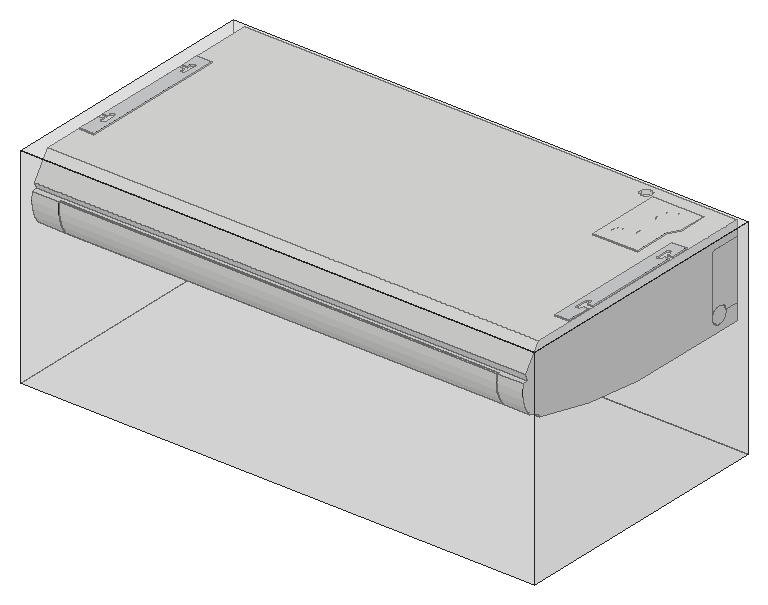
Revit family "outputfile", category 機械設備, Revit 2024
Family settings
  丸型コネクタ寸法 = 半径を使用
  パーツ タイプ = 標準
  OmniClass 番号 = 23.75.10.24.21.27.27
  OmniClass タイトル = Split System Air Conditioning Units
  作業面ベース = いいえ
  常に垂直 = はい
  ロード時にボイドで切り取り = いいえ
  注釈の向きを維持 = いいえ
  共有 = いいえ
  部屋計算ポイント = はい
Parameters (values of type "FHA71BVMA")
  Description = ""
  製造元 = "Daikin"
  書き出し IFC クラス(タイプ) = "IfcUnitaryEquipmentType"
  定義済み IFC タイプ(タイプ) = "AIRCONDITIONINGUNIT"
  Cost = 0
  モデル = "FHA71BVMA"
  Type Comments = ""
  Keynote = ""
  Type Image = (empty or 0)
  Assembly Code = ""
  switch_frequency = yes
  r_Liquid Pipe Size = Liquid Pipe Size / 2  # 4.75 mm
  r_Gas Pipe Size = Gas Pipe Size / 2  # 7.95 mm
  r_Drain Pipe Size = Drain Pipe Size / 2  # 10.0 mm
  l_powersupply [instance] = if(Rear Right Connection_powersupply, 29.0 mm, 175.0 mm)  # 29.0 mm
  h_mountinghole = 2.0 mm  # constant formula
  connector_voltage = Voltage_50Hz  # 230 V
  connector_powerinput = [Power Input (Cooling)]  # 2.120 kW
  connector_phase = Phase_50Hz  # 1
  angle_vertical_powersupply [instance] = if(Rear Right Connection_powersupply, 90.00°, 180.00°)  # 90.00°
  angle_vertical_drainpipe [instance] = if(or(Left Connection_drainpipe, Right Connection_drainpipe), 90.00°, if(Top Connection_drainpipe, 180.00°, -90.00°))  # -90.00°
  angle_horizontal_powersupply [instance] = if(Rear Right Connection_powersupply, 180.00°, 0.00°)  # 180.00°
  angle_horizontal_drainpipe [instance] = if(Right Connection_drainpipe, 90.00°, if(Left Connection_drainpipe, -90.00°, 0.00°))  # 0.00°
  Voltage_comment_60Hz = "220-230"
  Voltage_comment_50Hz = "220 - 240"
  Voltage_60Hz = 220 V
  Voltage_50Hz = 230 V
  URL = ""
  Total Heating Capacity [instance] = 0.000 kW
  Top Connection_refrigerant [instance] = no
  Top Connection_powersupply [instance] = not(Rear Right Connection_powersupply)  # no
  Right Connection_refrigerant [instance] = no
  Rear Right Connection_refrigerant [instance] = yes
  Power Input (Heating) = 2.260 kW
  Phase_60Hz = 1
  Phase_50Hz = 1
  Nominal Heating Capacity = 8.000 kW
  Minimum Circuit Amps_60Hz = 0.0 A
  Minimum Circuit Amps_50Hz = 0.0 A
  Maximum Fuse Amps_60Hz = 0.0 A
  Maximum Fuse Amps_50Hz = 0.0 A
  Material_Casing = DAIKIN_White_Casing_indoorunit
  lw_powersupply [instance] = if(Rear Right Connection_powersupply, 220.0 mm, 210.0 mm)  # 220.0 mm
  lw_mountinghole_pitch = Width - 40.0 mm  # 1230.0 mm
  lw_mountinghole = 20.0 mm  # constant formula
  lw_liquidpipe [instance] = if(Right Connection_refrigerant, 156.0 mm, if(Top Connection_refrigerant, 156.0 mm, 136.0 mm))  # 136.0 mm
  lw_gaspipe = 105.0 mm  # constant formula
  lw_drainpipe [instance] = if(Top Connection_drainpipe, 102.0 mm, if(Width = 960.0 mm, if(or(Left Connection_drainpipe, Rear Left Connection_drainpipe), 884.0 mm, 83.0 mm), if(Width = 1270.0 mm, if(or(Left Connection_drainpipe, Rear Left Connection_drainpipe), 1194.0 mm, 83.0 mm), if(Width = 1590.0 mm, if(or(Left Connection_drainpipe, Rear Left Connection_drainpipe), 1514.0 mm, 83.0 mm), 83.0 mm))))  # 83.0 mm
  lh_powersupply = 175.0 mm  # constant formula
  lh_liquidpipe [instance] = if(Rear Right Connection_refrigerant, 160.0 mm, 131.0 mm)  # 160.0 mm
  lh_gaspipe [instance] = if(Rear Right Connection_refrigerant, 150.0 mm, 91.0 mm)  # 150.0 mm
  lh_drainpipe = 197.0 mm  # constant formula
  l_antena = 1.0 mm  # constant formula
  ld_powersupply = 30.0 mm  # constant formula
  ld_mountinghole_pitch = 260.0 mm  # constant formula
  ld_mountinghole = 210.0 mm  # constant formula
  ld_liquidpipe [instance] = if(Right Connection_refrigerant, 57.0 mm, if(Top Connection_refrigerant, 189.0 mm, 221.0 mm))  # 221.0 mm
  ld_gaspipe [instance] = if(Right Connection_refrigerant, 57.0 mm, if(Top Connection_refrigerant, 163.0 mm, 214.0 mm))  # 214.0 mm
  ld_drainpipe [instance] = if(or(Left Connection_drainpipe, Right Connection_drainpipe), 57.0 mm, if(Top Connection_drainpipe, 87.0 mm, 268.0 mm))  # 268.0 mm
  l_liquidpipe_length [instance] = if(Right Connection_refrigerant, 156.0 mm, if(Top Connection_refrigerant, 131.0 mm, 220.0 mm))  # 220.0 mm
  l_gaspipe_length [instance] = if(Right Connection_refrigerant, 105.0 mm, if(Top Connection_refrigerant, 91.0 mm, 213.0 mm))  # 213.0 mm
  l_drainpipe_length [instance] = if(Right Connection_drainpipe, 83.0 mm, if(Top Connection_drainpipe, 197.0 mm, if(Left Connection_drainpipe, 76.0 mm, 267.0 mm)))  # 267.0 mm
  h*** = 0.0 mm  # constant formula
  angle_vertical [instance] = if(Right Connection_refrigerant, 90.00°, if(Top Connection_refrigerant, 180.00°, -90.00°))  # -90.00°
  angle_horizontal [instance] = if(Right Connection_refrigerant, 90.00°, 0.00°)  # 0.00°
  Width = 1270.0 mm
  Version = "ver.1.0"
  Unit Type = "Ceiling"
  Unit Mass Weight = 32.00 kg
  Unit Designation [instance] = ""
  Uniclass2015Version = "Products v1.30"
  Uniclass2015Title = "Split coil room air conditioning units"
  Uniclass2015Code = "Pr_70_65_03_86"
  Total Cooling Capacity [instance] = 0.000 kW
  Top Connection_drainpipe [instance] = no
  Sound Pressure Level_M speed (dBA) = 36
  Sound Pressure Level_L speed (dBA) = 34
  Sound Pressure Level_H speed (dBA) = 38
  Series = "SkyAir_Fan Coil Unit"
  Sensible Cooling Capacity [instance] = 0.000 kW
  Rear Right Connection_drainpipe [instance] = yes
  Rear Right Connection_powersupply [instance] = yes
  Right Connection_drainpipe [instance] = no
  Refrigerant Type = "R32"
  Power Input (Cooling) = 2.120 kW
  Option Accessory 3 [instance] = ""
  Option Accessory 2 [instance] = ""
  Option Accessory 1 [instance] = ""
  Nominal Cooling Capacity = 7.100 kW
  Minimum Airflow = 840.00 m³/h
  Median Airflow = 1020.00 m³/h
  Maximum Airflow = 1230.00 m³/h
  Load Classification = HVAC
  Liquid Pipe Size = 9.5 mm
  Link_Nested Family [instance] = ""
  Rear Left Connection_drainpipe [instance] = no
  Left Connection_drainpipe [instance] = no
  IfcVersion = ""
  IfcExportType = "AIRCONDITIONINGUNIT"
  IfcExportAs = "IfcUnitaryEquipmentType"
  Height = 235.0 mm
  Heating Entering Wet Bulb Temperature [instance] = -273.15 °C
  Heating Entering Dry Bulb Temperature [instance] = -273.15 °C
  Heating Ambient Wet Bulb Temperature [instance] = -273.15 °C
  Heating Ambient Dry Bulb Temperature [instance] = -273.15 °C
  Heat Exchanger Type = "Cross Fin Coil"
  Gas Pipe Size = 15.9 mm
  Frequency_60Hz = 60 Hz
  Frequency_50Hz = 50 Hz
  Fan Type = "Sirocco Fan"
  Fan Drive = "-"
  FCU Tag No. [instance] = ""
  Drain Pipe Size = 20.0 mm
  Design Supply Airflow [instance] = 0.00 m³/h
  Design Outdoor Airflow [instance] = 0.00 m³/h
  Depth = 690.0 mm
  既定の高さ = 0.0 mm
  Cooling Entering Wet Bulb Temperature [instance] = 0.00 °C
  Cooling Entering Dry Bulb Temperature [instance] = 0.00 °C
  Cooling Ambient Wet Bulb Temperature [instance] = 0.00 °C
  Cooling Ambient Dry Bulb Temperature [instance] = 0.00 °C
  Clearance visibility [instance] = yes
  Clearance Top = 5.0 mm
  Clearance Right = 30.0 mm
  Clearance Rear = 0.0 mm
  Clearance Left = 30.0 mm
  Clearance Front = 0.0 mm
  Clearance Bottom = 300.0 mm
Reference planes
  plane 1 "Back": y = 0
  plane 2: z = 0
  plane 3 "Center (Left/Right)": x = 0
  plane 4 "Center (Front/Back)": y = -1
  plane 5 "Front": y = -690
  plane 6 "Left": x = -635
  plane 7 "Right": x = 635
  plane 8 "Top": z = 0
  plane 9 "Bottom": z = -235
  plane 10: y = -690
  plane 11: x = -665
  plane 12: x = 665
  plane 13: z = 5
  plane 14: z = -535
  plane 15: y = 0
  plane 16 "lw_mountinghole": x = -615
  plane 17 "lw_mountinghole2": x = 615
  plane 18 "ld_mountinghole": y = -210
  plane 19 "ld_mountinghole2": y = -470
  plane 20 "lw_gaspipe": x = 530
  plane 21 "ld_gaspipe": y = -214
  plane 22 "lh_gaspipe": z = -150
  plane 23 "lw_liquidpipe": x = 499
  plane 24 "ld_liquidpipe": y = -221
  plane 25 "lh_liquidpipe": z = -160
  plane 26 "ld_drainpipe": y = -268
  plane 27 "lw_drainpipe": x = 552
  plane 28 "lh_drainpipe": z = -197
  plane 29 "lw_powersupply": x = 415
  plane 30 "lh_powersupply": z = -175
  plane 31 "ld_powersupply": y = -30
  plane 32: x = -565.5
  plane 33: x = 565.5
  plane 34: x = -590
  plane 35: x = 590
  plane 36: x = -2
  plane 37: x = 2
Forms (mm)
  Extrusion 1, solid, material "DAIKIN_White_Casing_indoorunit" <- "Material_Casing"
    sketch origin (0, 0, 0) x (0, 1, 0) y (0, 0, 1)
      loop
        line (-639.277, 0) -> (-680.876, -61.699) -> (-675.026, -77.772)
        arc (-675.026, -77.772) -> (-681.815, -78.743) -> (-688.601, -79.732) r 2634.132
        arc (-688.601, -79.732) -> (-687.018, -121.096) -> (-669.159, -158.439) r 102.2
        line (-669.159, -158.439) -> (-639.858, -169.325) -> (-635.895, -178.261)
        arc (-635.895, -178.261) -> (-479.121, -215.759) -> (-319.077, -235) r 1400.997
        line (-319.077, -235) -> (-1, -235) -> (-1, 0) -> (-639.277, 0)
    from -635 to 635
  Extrusion 2, solid, material "DAIKIN_White_Casing_indoorunit" <- "Material_Casing"
    sketch origin (0, 0, 0) x (0, 1, 0) y (0, 0, 1)
      loop
        arc (-688.601, -79.732) -> (-687.018, -121.096) -> (-669.159, -158.439) r 102.2
        line (-669.159, -158.439) -> (-665.589, -154.869)
        arc (-665.589, -154.869) -> (-682.432, -118.783) -> (-683.39, -78.971) r 97.2
        arc (-683.39, -78.971) -> (-685.996, -79.351) -> (-688.601, -79.732) r 2634.132
    from -565.5 to 565.5
  Extrusion 3, void
    sketch origin (0, 0, 0) x (0, 1, 0) y (0, 0, 1)
      loop
        line (-301.098, -235) -> (-21.098, -235) -> (-21.098, -230) -> (-301.098, -230) -> (-301.098, -235)
    from -590 to 590
  Extrusion 4, solid, material "DAIKIN_White_Grille_indoorunit"
    sketch origin (0, 0, 0) x (0, 1, 0) y (0, 0, 1)
      loop
        line (-20.098, -230) -> (-301.098, -230) -> (-301.098, -235) -> (-20.098, -235) -> (-20.098, -230)
    from -590 to -2
  Extrusion 5, solid, material "DAIKIN_White_Casing_indoorunit" <- "Material_Casing"
    sketch origin (0, 0, 0) x (1, 0, 0) y (0, 0, 1)
      loop
        line (442, -63) -> (442, -178) -> (513, -220) -> (576, -220) -> (576, -63) -> (442, -63)
    from 0 to 1
  Extrusion 6, solid, material "DAIKIN_White_Casing_indoorunit" <- "Material_Casing"
    sketch origin (0, 0, 0) x (-1, 0, 0) y (0, -1, 0)
      loop
        line (-447, 35) -> (-447, 230) -> (-563, 230) -> (-563, 135) -> (-578, 105) -> (-578, 35) -> (-447, 35)
    from 0 to 1.9
  Extrusion 7, void
    sketch origin (635, 0, 0) x (0, 1, 0) y (0, 0, 1)
      loop
        arc (-79.5, -197) -> (-55.446, -219.446) -> (-34.715, -193.9) r 22.5
        line (-34.715, -193.9) -> (-1, -193.9) -> (-1, -192.1) -> (-35.04, -192.1)
        arc (-35.04, -192.1) -> (-54.942, -174.594) -> (-77.7, -188.182) r 22.5
        line (-77.7, -188.182) -> (-77.7, -45)
        arc (-77.7, -45) -> (-76.528, -42.172) -> (-73.7, -41) r 4
        line (-73.7, -41) -> (-1, -41) -> (-1, -39.2) -> (-73.7, -39.2)
        arc (-73.7, -39.2) -> (-77.801, -40.899) -> (-79.5, -45) r 5.8
        line (-79.5, -45) -> (-79.5, -197)
      loop
        circle (-57, -197) r 20.7
    from 0 to -10
  Extrusion 8, void
    sketch origin (-1444.026, -1, 1200) x (1, 0, 0) y (0, 0, 1)
      loop
        arc (875.026, -1375) -> (864.42, -1379.393) -> (860.026, -1390) r 15
        line (860.026, -1390) -> (860.026, -1400)
        arc (860.026, -1400) -> (864.42, -1410.607) -> (875.026, -1415) r 15
        line (875.026, -1415) -> (905.026, -1415)
        arc (905.026, -1415) -> (915.633, -1410.607) -> (920.026, -1400) r 15
        line (920.026, -1400) -> (920.026, -1390)
        arc (920.026, -1390) -> (915.633, -1379.393) -> (905.026, -1375) r 15
        line (905.026, -1375) -> (875.026, -1375)
    from 0 to 10
  Extrusion 9, void
    sketch origin (-635, 0, 0) x (0, 1, 0) y (0, 0, 1)
      loop
        circle (-57, -197) r 22.5
    from 0 to 10
  Extrusion 10, void
    sketch origin (-1444.026, -1, 1200) x (1, 0, 0) y (0, 0, 1)
      loop
        circle (1976.026, -1375) r 44
    from 0 to 10
  Extrusion 11, void
    sketch origin (0, 0, 0) x (-1, 0, 0) y (0, -1, 0)
      loop
        circle (-533, 87) r 30
    from 0 to -10
  Extrusion 12, void
    sketch origin (0, 0, 0) x (-1, 0, 0) y (0, -1, 0)
      loop
        circle (-530, 163) r 18
    from 0 to -10
  Extrusion 13, void
    sketch origin (0, 0, 0) x (-1, 0, 0) y (0, -1, 0)
      loop
        circle (-479, 189) r 13
    from 0 to -10
  Extrusion 14, void
    sketch origin (-1444.026, -1, 1200) x (1, 0, 0) y (0, 0, 1)
      loop
        circle (1859.026, -1375) r 14.5
    from 0 to 10
  Extrusion 15, void
    sketch origin (0, 0, 0) x (-1, 0, 0) y (0, -1, 0)
      loop
        circle (-425, 30) r 14.5
    from 0 to -10
  Extrusion 16, void
    sketch origin (635, 0, 0) x (0, 1, 0) y (0, 0, 1)
      loop
        arc (-665.589, -154.869) -> (-682.432, -118.783) -> (-683.39, -78.971) r 97.2
        arc (-683.39, -78.971) -> (-685.996, -79.351) -> (-688.601, -79.732) r 2634.132
        arc (-688.601, -79.732) -> (-687.018, -121.096) -> (-669.159, -158.439) r 102.2
        line (-669.159, -158.439) -> (-665.589, -154.869)
    from -69.5 to -1200.5
  Extrusion 17, solid, material "DAIKIN_White_Casing_indoorunit" <- "Material_Casing"
    sketch origin (-635, 0, 0) x (0, 1, 0) y (0, 0, 1)
      loop
        circle (-57, -197) r 22.5
    from 0 to 10
  Extrusion 18, solid, material "DAIKIN_White_Grille_indoorunit"
    sketch origin (780, 0, 0) x (0, 1, 0) y (0, 0, 1)
      loop
        line (-20.098, -230) -> (-301.098, -230) -> (-301.098, -235) -> (-20.098, -235) -> (-20.098, -230)
    from -782 to -778
  Extrusion 19, solid, material "DAIKIN_White_Grille_indoorunit"
    sketch origin (0, 0, 0) x (0, 1, 0) y (0, 0, -1)
      loop
        line (-20.098, 230) -> (-20.098, 235) -> (-301.098, 235) -> (-301.098, 230) -> (-20.098, 230)
    from -590 to -2
Cuts and joins
  Extrusion 3, Extrusion 7, Extrusion 8, Extrusion 9, Extrusion 10, Extrusion 11, Extrusion 12, Extrusion 13, Extrusion 14, Extrusion 15, Extrusion 16 cuts Extrusion 1
Lines and regions (mm)
  reference lines
    curve 1: line (635, -580.282, -192.75) -> (635, -551.225, -200.21)
Dimensions and locks
  equal spacing: plane 6 "Left", plane 3 "Center (Left/Right)", plane 7 "Right"
  "Width": plane 6 "Left" to plane 7 "Right"
  "Depth": plane 5 "Front" to plane 1 "Back"
  "Height": plane 8 "Top" to plane 9 "Bottom"
  "Clearance Front": plane 10 to plane 5 "Front"
  "Clearance Left": plane 11 to plane 6 "Left"
  "Clearance Right": plane 7 "Right" to plane 12
  "Clearance Top": plane 13 to plane 8 "Top"
  "Clearance Bottom": plane 9 "Bottom" to plane 14
  "Clearance Rear": plane 1 "Back" to plane 15
  locked: plane 4 "Center (Front/Back)" to plane 1 "Back" at 1
  locked: Extrusion 1 sketch curve to Extrusion 1 sketch curve at 235
  locked: Extrusion 1 sketch curve to Extrusion 1 sketch curve at 318.077
  locked: Extrusion 1 sketch curve to Extrusion 1 sketch curve at 1163.297
  locked: Extrusion 1 sketch curve to Extrusion 1 sketch curve at 231.144
  Extrusion 3 sketch curve to Extrusion 3 sketch curve to plane 1 "Back" = 280.0 mm locked, 21.098 mm locked
  "ld_mountinghole": plane 18 "ld_mountinghole" to plane 1 "Back"
  "ld_mountinghole_pitch": plane 18 "ld_mountinghole" to plane 19 "ld_mountinghole2"
  "lw_mountinghole_pitch": plane 16 "lw_mountinghole" to plane 17 "lw_mountinghole2"
  "lw_mountinghole": plane 6 "Left" to plane 16 "lw_mountinghole"
  "lw_gaspipe": plane 20 "lw_gaspipe" to plane 7 "Right"
  "ld_gaspipe": plane 1 "Back" to plane 21 "ld_gaspipe"
  "lw_liquidpipe": plane 23 "lw_liquidpipe" to plane 7 "Right"
  "ld_liquidpipe": plane 1 "Back" to plane 24 "ld_liquidpipe"
  "lw_drainpipe": plane 27 "lw_drainpipe" to plane 7 "Right"
  "ld_drainpipe": plane 26 "ld_drainpipe" to plane 1 "Back"
  plane 8 "Top" to Extrusion 5 sketch curve to Extrusion 5 sketch curve = 63.0 mm locked, 157.0 mm locked
  plane 7 "Right" to Extrusion 5 sketch curve to Extrusion 5 sketch curve = 59.0 mm locked, 134.0 mm locked
  locked: Extrusion 5 sketch curve to Extrusion 5 sketch curve at 115
  locked: Extrusion 5 sketch curve to Extrusion 5 sketch curve at 63
  locked: Extrusion 6 sketch curve to Extrusion 6 sketch curve at 195
  locked: Extrusion 6 sketch curve to Extrusion 6 sketch curve at 116
  locked: Extrusion 6 sketch curve to Extrusion 6 sketch curve at 131
  locked: Extrusion 6 sketch curve to Extrusion 6 sketch curve at 100
  locked: Extrusion 6 sketch curve to plane 1 "Back" at 35
  locked: Extrusion 6 sketch curve to plane 7 "Right" at 57
  locked: Extrusion 8 sketch curve to Extrusion 8 sketch curve at 40
  locked: Extrusion 8 sketch curve to Extrusion 8 sketch curve at 60
  locked: plane 8 "Top" to Extrusion 8 sketch curve at 175
  locked: Extrusion 8 sketch curve to plane 6 "Left" at 51
  locked: plane 7 "Right" to Extrusion 10 sketch curve at 103
  locked: plane 8 "Top" to Extrusion 10 sketch curve at 175
  locked: Extrusion 11 sketch curve to plane 1 "Back" at 87
  locked: Extrusion 11 sketch curve to plane 7 "Right" at 102
  locked: Extrusion 12 sketch curve to plane 1 "Back" at 163
  locked: Extrusion 12 sketch curve to plane 7 "Right" at 105
  locked: Extrusion 13 sketch curve to plane 1 "Back" at 189
  locked: Extrusion 13 sketch curve to plane 7 "Right" at 156
  "lw_powersupply": plane 29 "lw_powersupply" to plane 7 "Right"
  "lh_gaspipe": plane 8 "Top" to plane 22 "lh_gaspipe"
  "lh_liquidpipe": plane 8 "Top" to plane 25 "lh_liquidpipe"
  "lh_powersupply": plane 8 "Top" to plane 30 "lh_powersupply"
  "lh_drainpipe": plane 8 "Top" to plane 28 "lh_drainpipe"
  "ld_powersupply": plane 1 "Back" to plane 31 "ld_powersupply"
  locked: plane 8 "Top" to Extrusion 7 sketch curve at 197
  locked: Extrusion 7 sketch curve to plane 1 "Back" at 57
  locked: plane 9 "Bottom" to Extrusion 7 sketch curve at 41.1
  locked: Extrusion 7 sketch curve to plane 8 "Top" at 41
  locked: Extrusion 7 sketch curve to plane 1 "Back" at 79.5
  locked: Extrusion 9 sketch curve to plane 1 "Back" at 57
  locked: plane 8 "Top" to Extrusion 9 sketch curve at 197
  locked: Extrusion 17 sketch curve to plane 1 "Back" at 57
  locked: plane 8 "Top" to Extrusion 17 sketch curve at 197
  locked: plane 7 "Right" to Extrusion 14 sketch curve at 220
  locked: plane 8 "Top" to Extrusion 14 sketch curve at 175
  locked: Extrusion 15 sketch curve to plane 7 "Right" at 210
  locked: Extrusion 15 sketch curve to plane 1 "Back" at 30
  locked: curve 1 to plane 9 "Bottom" at 34.79
  locked: curve 1 to plane 9 "Bottom" at 42.25
  locked: plane 6 "Left" to plane 32 at 69.5
  locked: plane 33 to plane 7 "Right" at 69.5
  locked: plane 35 to plane 7 "Right" at 45
  locked: plane 6 "Left" to plane 34 at 45
  plane 36 to plane 3 "Center (Left/Right)" to plane 37 = 2.0 mm locked, 2.0 mm locked
  locked: curve 1 to plane 9 "Bottom" (angle 14.40°)
  aligned and locked: level to plane 2
  aligned and locked: nested 1 to plane 11
  aligned and locked: nested 1 to plane 12
  aligned and locked: nested 1 to plane 10
  aligned and locked: plane 13 to nested 1
  aligned and locked: plane 14 to nested 1
  aligned and locked: plane 15 to nested 1
  aligned and locked: Extrusion 1 sketch curve to plane 8 "Top"
  aligned and locked: Extrusion 2 sketch curve to Extrusion 1  (x2)
  aligned and locked: plane 7 "Right" to Extrusion 1
  aligned and locked: Extrusion 1 to plane 6 "Left"
  aligned and locked: cut or joined group 1 (Extrusion 1, Extrusion 3, Extrusion 7, Extrusion 8, Extrusion 9, Extrusion 10, Extrusion 11, Extrusion 12, Extrusion 13, Extrusion 14, Extrusion 15, Extrusion 16) to Extrusion 3 sketch curve
  aligned and locked: cut or joined group 1 to Extrusion 4 sketch curve
  aligned and locked: Extrusion 5 to plane 4 "Center (Front/Back)"
  aligned and locked: Extrusion 7 sketch curve to plane 4 "Center (Front/Back)"
  aligned and locked: Extrusion 16 sketch curve to Extrusion 2  (x4)
  aligned and locked: Extrusion 16 to Extrusion 2  (x2)
  aligned and locked: nested 2 to plane 26 "ld_drainpipe"
  aligned and locked: plane 27 "lw_drainpipe" to nested 2
  aligned and locked: plane 20 "lw_gaspipe" to nested 3
  aligned and locked: nested 3 to plane 21 "ld_gaspipe"
  aligned and locked: plane 23 "lw_liquidpipe" to nested 4
  aligned and locked: nested 4 to plane 24 "ld_liquidpipe"
  aligned and locked: plane 25 "lh_liquidpipe" to nested 4
  aligned and locked: nested 5 to plane 31 "ld_powersupply"
  aligned and locked: plane 29 "lw_powersupply" to nested 5
  aligned and locked: nested 7 to plane 18 "ld_mountinghole"
  aligned and locked: plane 16 "lw_mountinghole" to nested 7
  aligned and locked: nested 6 to plane 19 "ld_mountinghole2"
  aligned and locked: plane 16 "lw_mountinghole" to nested 6
  aligned and locked: nested 9 to plane 18 "ld_mountinghole"
  aligned and locked: plane 17 "lw_mountinghole2" to nested 9
  aligned and locked: plane 17 "lw_mountinghole2" to nested 8
  aligned and locked: nested 8 to plane 19 "ld_mountinghole2"
  aligned and locked: nested 10 to curve 1
  aligned and locked: level to plane 8 "Top"
  aligned and locked: cut or joined group 1 to plane 32
  aligned and locked: plane 33 to cut or joined group 1
  aligned and locked: Extrusion 16 to plane 32
  aligned and locked: plane 33 to Extrusion 16
  aligned and locked: Extrusion 4 to plane 34
  aligned and locked: cut or joined group 1 to plane 34
  aligned and locked: plane 34 to Extrusion 4  (x3)
  aligned and locked: plane 16 "lw_mountinghole" to nested 11
  aligned and locked: plane 17 "lw_mountinghole2" to nested 12
  aligned and locked: plane 36 to Extrusion 4
  aligned and locked: Extrusion 18 to plane 36
  aligned and locked: plane 37 to Extrusion 18
  aligned and locked: Extrusion 19 to plane 37
  aligned and locked: plane 37 to Extrusion 19
  aligned and locked: plane 35 to Extrusion 19
  aligned and locked: plane 35 to Extrusion 3
  aligned and locked: Extrusion 4 to cut or joined group 1
  aligned and locked: cut or joined group 1 to Extrusion 18
  aligned and locked: cut or joined group 1 to Extrusion 19
Automatic sketch dimensions
  Extrusion 1 sketch curve to plane 4 "Center (Front/Back)" = 0.0 mm
  Extrusion 1 sketch curve to plane 5 "Front" = 102.2 mm
  Extrusion 1 sketch curve to plane 30 "lh_powersupply" = 3.261 mm
  Extrusion 1 sketch curve to plane 5 "Front" = 50.723 mm
  plane 30 "lh_powersupply" to Extrusion 1 sketch curve = 5.675 mm
  Extrusion 1 sketch curve to Extrusion 1 sketch curve = 3.963 mm
  plane 25 "lh_liquidpipe" to Extrusion 1 sketch curve = 1.561 mm
  Extrusion 1 sketch curve to plane 5 "Front" = 20.841 mm
  Extrusion 1 sketch curve to plane 5 "Front" = 14.974 mm
  Extrusion 1 sketch curve to plane 5 "Front" = 9.124 mm
  Extrusion 1 sketch curve to plane 26 "ld_drainpipe" = 37.278 mm
  Extrusion 1 sketch curve to plane 14 = 2150.825 mm
  plane 22 "lh_gaspipe" to Extrusion 1 sketch curve = 53.413 mm
  Extrusion 1 sketch curve to level = 77.772 mm
  Extrusion 1 sketch curve to Extrusion 1 sketch curve = 16.072 mm
  Extrusion 2 sketch curve to Extrusion 2 sketch curve = 0.0 mm  (x2)
  plane 25 "lh_liquidpipe" to Extrusion 2 sketch curve = 1.561 mm
  Extrusion 2 sketch curve to plane 22 "lh_gaspipe" = 4.869 mm
  Extrusion 2 sketch curve to Extrusion 2 sketch curve = 3.57 mm
  Extrusion 3 sketch curve to Extrusion 3 sketch curve = 5.0 mm
  plane 31 "ld_powersupply" to Extrusion 4 sketch curve = 9.902 mm
  Extrusion 4 sketch curve to Extrusion 4 sketch curve = 5.0 mm
  Extrusion 6 sketch curve to Extrusion 6 sketch curve = 30.0 mm
  Extrusion 7 sketch curve to Extrusion 7 sketch curve = 0.0 mm  (x6)
  Extrusion 7 sketch curve to plane 4 "Center (Front/Back)" = 0.0 mm
  Extrusion 7 sketch curve to Extrusion 7 sketch curve = 1.8 mm  (x2)
  Extrusion 7 sketch curve to Extrusion 7 sketch curve = 4.0 mm
  Extrusion 7 sketch curve to Extrusion 7 sketch curve = 0.325 mm
  Extrusion 8 sketch curve to plane 32 = 3.5 mm  (x2)
  Extrusion 8 sketch curve to plane 28 "lh_drainpipe" = 3.0 mm
  Extrusion 8 sketch curve to Extrusion 8 sketch curve = 15.0 mm
  curve 1 to plane 5 "Front" = 109.718 mm
  Extrusion 18 sketch curve to plane 9 "Bottom" = 0.0 mm
  plane 9 "Bottom" to Extrusion 18 sketch curve = 5.0 mm
  Extrusion 18 sketch curve to plane 26 "ld_drainpipe" = 33.098 mm
  plane 31 "ld_powersupply" to Extrusion 18 sketch curve = 9.902 mm
  Extrusion 19 sketch curve to plane 9 "Bottom" = 0.0 mm
  plane 9 "Bottom" to Extrusion 19 sketch curve = 5.0 mm
  Extrusion 19 sketch curve to plane 26 "ld_drainpipe" = 33.098 mm
  plane 31 "ld_powersupply" to Extrusion 19 sketch curve = 9.902 mm
  Extrusion 4 sketch curve to plane 26 "ld_drainpipe" = 33.098 mm
  radius of Extrusion 7 sketch curve = 20.7 mm
  radius of Extrusion 9 sketch curve = 22.5 mm
  radius of Extrusion 10 sketch curve = 44.0 mm
  radius of Extrusion 11 sketch curve = 30.0 mm
  radius of Extrusion 12 sketch curve = 18.0 mm
  radius of Extrusion 13 sketch curve = 13.0 mm
  radius of Extrusion 14 sketch curve = 14.5 mm
  radius of Extrusion 15 sketch curve = 14.5 mm
  radius of Extrusion 17 sketch curve = 22.5 mm
Nested families
  nested 1: "daikin_clearancespace" at (0, -345, -264.881), visible <- "Clearance visibility", show <- "Clearance visibility", Link_Nested Family <- "Link_Nested Family", type "daikin_clearancespace"
    with width 1330.0 mm, show yes, height 540.0 mm, depth 690.0 mm, Link_Nested Family ""
  nested 2: "daikin_connector_rotate3" at (552, -268, -197), radius <- "r_Drain Pipe Size", angle_vertical <- "angle_vertical_drainpipe", angle_horizontal <- "angle_horizontal_drainpipe", length <- "l_drainpipe_length", type "daikin_connector_rotate3"
    with show no, radius 10.0 mm, length 267.0 mm, angle_vertical -90.00°, angle_horizontal 0.00°
  nested 3: "daikin_connector_rotate3" at (530, -214, -150), radius <- "r_Gas Pipe Size", angle_vertical <- "angle_vertical", angle_horizontal <- "angle_horizontal", length <- "l_gaspipe_length", type "daikin_connector_rotate3"
    with show no, radius 7.95 mm, length 213.0 mm, angle_vertical -90.00°, angle_horizontal 0.00°
  nested 4: "daikin_connector_rotate3" at (499, -221, -160), radius <- "r_Liquid Pipe Size", angle_vertical <- "angle_vertical", angle_horizontal <- "angle_horizontal", length <- "l_liquidpipe_length", type "daikin_connector_rotate3"
    with show no, radius 4.75 mm, length 220.0 mm, angle_vertical -90.00°, angle_horizontal 0.00°
  nested 5: "daikin_connector_rotate3" at (415, -30, -175), length <- "l_powersupply", angle_vertical <- "angle_vertical_powersupply", angle_horizontal <- "angle_horizontal_powersupply", type "daikin_connector_rotate3"
    with show no, radius 10.0 mm, length 29.0 mm, angle_vertical 90.00°, angle_horizontal 180.00°
  nested 6: "daikin_mountinghole" at (-615, -470, 0), l_antenna <- "l_antena", Link_Nested Family <- "Link_Nested Family", h_mountinghole <- "h_mountinghole", type "daikin_mountinghole"
    with show yes, l_antenna 1.0 mm, h_mountinghole 2.0 mm, Link_Nested Family ""
  nested 7: "daikin_mountinghole" at (-615, -210, 0), l_antenna <- "l_antena", Link_Nested Family <- "Link_Nested Family", h_mountinghole <- "h_mountinghole", type "daikin_mountinghole"
    with show yes, l_antenna 1.0 mm, h_mountinghole 2.0 mm, Link_Nested Family ""
  nested 8: "daikin_mountinghole" at (615, -470, 0), l_antenna <- "l_antena", Link_Nested Family <- "Link_Nested Family", h_mountinghole <- "h_mountinghole", type "daikin_mountinghole"
    with show yes, l_antenna 1.0 mm, h_mountinghole 2.0 mm, Link_Nested Family ""
  nested 9: "daikin_mountinghole" at (615, -210, 0), Link_Nested Family <- "Link_Nested Family", l_antenna <- "l_antena", h_mountinghole <- "h_mountinghole", type "daikin_mountinghole"
    with show yes, l_antenna 1.0 mm, h_mountinghole 2.0 mm, Link_Nested Family ""
  nested 10: "daikin_logo_plane_w40" at (487.963, -559.801, -198.008) x (1, 0, 0) z (0, -0.2487, -0.9686), type "daikin_logo_plane_w40"
    with show_logo yes
  nested 11: "daikin_hangerfixture_FHA-BVMA" at (-615, 0, 0), type "daikin_hangerfixture_FHA-BVMA"
    with width 38.0 mm, height 2.0 mm, depth 380.0 mm
  nested 12: "daikin_hangerfixture_FHA-BVMA" at (615, 0, 0) x (-1, 0, 0) z (0, 0, 1), type "daikin_hangerfixture_FHA-BVMA"
    with width 38.0 mm, height 2.0 mm, depth 380.0 mm
Connectors
  piping at (552, -1, -197), diameter 20, driven by "r_Drain Pipe Size"
    settings: on nested 2, index 1, connector inside diameter 609.6 mm, connector length 0.0 mm, flow factor 0, pipe flow 0.00 m³/h, pressure drop 0.0 Pa, fitting loss kfactor 0, connector angle 0.00°, fixture units 0, engagement length 0.0 mm, angle of deflection 0.00°, flow configuration 1, flow direction 2, fitting loss method 4, system type 16, joint type 0, gender type 0, connector reference index -1, connector utility 0, adjustable connector no, is connector primary yes, connector description "Condensate Drain Piping"
  piping at (530, -1, -150), diameter 15.9, driven by "r_Gas Pipe Size"
    settings: on nested 3, index 3, connector inside diameter 609.6 mm, connector length 0.0 mm, flow factor 0, pipe flow 0.00 m³/h, pressure drop 0.0 Pa, fitting loss kfactor 0, connector angle 0.00°, fixture units 0, engagement length 0.0 mm, angle of deflection 0.00°, flow configuration 1, flow direction 2, fitting loss method 0, system type 29, joint type 0, gender type 0, connector reference index -1, connector utility 0, adjustable connector no, is connector primary no, connector description "Refrigerant Gas Piping"
  piping at (499, -1, -160), diameter 9.5, driven by "r_Liquid Pipe Size"
    settings: on nested 4, index 4, connector inside diameter 609.6 mm, connector length 0.0 mm, flow factor 0, pipe flow 0.00 m³/h, pressure drop 0.0 Pa, fitting loss kfactor 0, connector angle 0.00°, fixture units 0, engagement length 0.0 mm, angle of deflection 0.00°, flow configuration 1, flow direction 1, fitting loss method 0, system type 29, joint type 0, gender type 0, connector reference index -1, connector utility 0, adjustable connector no, is connector primary no, connector description "Refrigerant Liquid Piping"
  electrical at (415, -1, -175), driven by "Load Classification", driven by "connector_powerinput", driven by "connector_phase", driven by "connector_voltage"
    settings: on nested 5, index 6, voltage 230 V, apparent load 2120 VA, apparent load phase1 0 VA, apparent load phase2 0 VA, apparent load phase3 0 VA, power factor 1, load classification "HVAC", number of poles 1, system type 30, power factor state 1, is connector primary yes, connector utility no, sub classification motor no, connector description "Power Supply"
Definition of nested family "daikin_clearancespace"
  Parameters (values of type "daikin_clearancespace")
    Description = "daikin_clearancespace"
    width [instance] = 1823.963 mm
    show [instance] = yes
    material = none
    height [instance] = 1359.762 mm
    depth [instance] = 880.0 mm
    Default Elevation = 0.0 mm
    Link_Nested Family [instance] = ""
  Reference planes
    plane 1 "Center (Front/Back)": y = 0
    plane 2 "Center (Elevation)": z = -0.119
    plane 3 "Center (Left/Right)": x = 0
    plane 4: y = 440
    plane 5: y = -440
    plane 6 "Right": x = 911.982
    plane 7 "Left": x = -911.982
    plane 8 "Top": z = 679.762
    plane 9 "Bottom": z = -680
  Forms (mm)
    Extrusion 1, solid, material <- "material", visible <- "show"
      sketch origin (0, 0, 0) x (1, 0, 0) y (0, 1, 0)
        loop
          line (-911.982, 440) -> (-911.982, -440) -> (911.982, -440) -> (911.982, 440) -> (-911.982, 440)
      from -680 to 679.762
  Lines and regions (mm)
    symbolic lines, visible <- "show"
      curve 1: line (911.982, 440, 0) -> (-911.982, 440, 0)
      curve 2: line (-911.982, 440, 0) -> (-911.982, -440, 0)
      curve 3: line (-911.982, -440, 0) -> (911.982, -440, 0)
      curve 4: line (911.982, -440, 0) -> (911.982, 440, 0)
      curve 5: line (911.982, 0, 679.762) -> (-911.982, 0, 679.762)
      curve 6: line (911.982, 0, -680) -> (911.982, 0, 679.762)
      curve 7: line (-911.982, 0, -680) -> (911.982, 0, -680)
      curve 8: line (-911.982, 0, 679.762) -> (-911.982, 0, -680)
      curve 9: line (0, 440, 679.762) -> (0, -440, 679.762)
      curve 10: line (0, -440, 679.762) -> (0, -440, -680)
      curve 11: line (0, 440, -680) -> (0, 440, 679.762)
      curve 12: line (0, -440, -680) -> (0, 440, -680)
  Dimensions and locks
    "width": plane 7 "Left" to plane 6 "Right"
    "depth": plane 4 to plane 5
    "height": plane 8 "Top" to plane 9 "Bottom"
    equal spacing: plane 7 "Left", plane 3 "Center (Left/Right)", plane 6 "Right"
    equal spacing: plane 4, plane 1 "Center (Front/Back)", plane 5
    equal spacing: plane 8 "Top", plane 2 "Center (Elevation)", plane 9 "Bottom"
    aligned and locked: level to plane 2 "Center (Elevation)"
    aligned and locked: Extrusion 1 sketch curve to plane 4
    aligned and locked: plane 7 "Left" to Extrusion 1 sketch curve
    aligned and locked: Extrusion 1 sketch curve to plane 5
    aligned and locked: Extrusion 1 sketch curve to plane 6 "Right"
    aligned and locked: plane 8 "Top" to Extrusion 1
    aligned and locked: curve 1 to Extrusion 1
    aligned and locked: curve 2 to Extrusion 1
    aligned and locked: curve 3 to Extrusion 1
    aligned and locked: curve 4 to Extrusion 1
    aligned and locked: curve 5 to Extrusion 1
    aligned and locked: curve 6 to Extrusion 1
    aligned and locked: curve 7 to Extrusion 1
    aligned and locked: curve 8 to Extrusion 1
    aligned and locked: curve 9 to Extrusion 1
    aligned and locked: curve 10 to Extrusion 1
    aligned and locked: curve 11 to Extrusion 1
    aligned and locked: curve 12 to Extrusion 1
    aligned and locked: Extrusion 1 to plane 9 "Bottom"
Definition of nested family "daikin_logo_plane_w40"
  Parameters (values of type "daikin_logo_plane_w40")
    width = 40.0 mm
    show_logo [instance] = yes
    material = none
    height = 0.0 mm
    depth = 0.0 mm
    Default Elevation = 1219.2 mm
  Reference planes
    plane 1 "Center (Front/Back)": y = 0
    plane 2: z = 0
    plane 3 "Center (Left/Right)": x = 0
    plane 4: z = 2
    plane 5 "left": x = -19
    plane 6: x = 19
  Forms (mm)
    Extrusion 1, solid, visible <- "show_logo"
      sketch origin (-19, 0, 0) x (1, 0, 0) y (0, 1, 0)
        loop
          line (8.902, -1.878) -> (7.789, -6.332) -> (11.13, -6.332)
          arc (11.13, -6.332) -> (12.454, -6.064) -> (13.472, -5.176) r 2.642
          arc (13.472, -5.176) -> (13.92, -4.02) -> (13.767, -2.79) r 2.537
          arc (13.767, -2.79) -> (13.452, -2.342) -> (12.982, -2.06) r 1.321
          arc (12.982, -2.06) -> (12.063, -1.902) -> (11.13, -1.878) r 6.479
          line (11.13, -1.878) -> (8.902, -1.878)
        loop
          line (10.016, -5.441) -> (10.907, -5.441)
          arc (10.907, -5.441) -> (11.591, -4.983) -> (11.988, -4.261) r 1.742
          spline (11.988, -4.261) -> (12.01, -4.155) -> (12.027, -4.03) -> (12.037, -3.893) -> (12.037, -3.747) -> (12.026, -3.598) -> (12.002, -3.451) -> (11.962, -3.31) -> (11.905, -3.181) -> (11.829, -3.069) -> (11.731, -2.978) -> (11.61, -2.913) -> (11.464, -2.88)
          line (11.464, -2.88) -> (10.573, -2.88) -> (10.016, -5.441)
        loop
          line (13.58, -6.332) -> (14.805, -6.332) -> (15.223, -5.553) -> (16.977, -5.553) -> (17.144, -6.332) -> (19.149, -6.332) -> (18.258, -1.878) -> (16.03, -1.878) -> (13.58, -6.332)
        loop
          line (16.476, -3.214) -> (15.76, -4.551) -> (16.762, -4.551) -> (16.476, -3.214)
        loop
          line (19.705, -6.332) -> (21.599, -6.332) -> (22.712, -1.878) -> (20.819, -1.878) -> (19.705, -6.332)
        loop
          line (22.712, -6.332) -> (24.606, -6.332) -> (24.908, -5.122) -> (25.831, -6.332) -> (28.17, -6.332) -> (26.388, -3.994) -> (28.949, -1.878) -> (26.945, -1.878) -> (25.401, -3.153) -> (25.719, -1.878) -> (23.826, -1.878) -> (22.712, -6.332)
        loop
          line (29.84, -1.878) -> (28.615, -6.332) -> (30.62, -6.332) -> (31.734, -1.878) -> (29.84, -1.878)
        loop
          line (31.734, -6.332) -> (33.07, -6.332) -> (33.7, -3.814) -> (34.518, -6.332) -> (36.745, -6.332) -> (37.859, -1.878) -> (36.523, -1.878) -> (35.845, -4.589) -> (34.963, -1.878) -> (32.847, -1.878) -> (31.734, -6.332)
      from 0 to 2
    Extrusion 2, solid, visible <- "show_logo"
      sketch origin (-19, 0, 0) x (1, 0, 0) y (0, 1, 0)
        loop
          line (8.7, 0) -> (4.235, 0) -> (0, -3.879) -> (0, -8) -> (8.7, 0)
      from 0 to 2
    Extrusion 3, solid, visible <- "show_logo"
      sketch origin (-19, 0, 0) x (1, 0, 0) y (0, 1, 0)
        loop
          line (0, 0) -> (0, -3.879) -> (4.235, 0) -> (0, 0)
      from 0 to 2
  Dimensions and locks
    plane 4 to plane 2 = 2.0 mm
    equal spacing: plane 5 "left", plane 3 "Center (Left/Right)", plane 6
    locked: plane 5 "left" to plane 6 at 38
    aligned and locked: level to plane 2
    aligned and locked: Extrusion 3 to plane 1 "Center (Front/Back)"  (x2)
    aligned and locked: Extrusion 2 to plane 1 "Center (Front/Back)"  (x2)
    aligned and locked: plane 4 to Extrusion 1
    aligned and locked: plane 4 to Extrusion 3
    aligned and locked: plane 4 to Extrusion 2
    aligned and locked: Extrusion 3 to plane 5 "left"
    aligned and locked: Extrusion 2 to plane 5 "left"
  Automatic sketch dimensions
    Extrusion 1 sketch curve to Extrusion 1 sketch curve = 0.901 mm
    Extrusion 1 sketch curve to Extrusion 1 sketch curve = 1.559 mm
    Extrusion 1 sketch curve to Extrusion 1 sketch curve = 1.327 mm
    Extrusion 1 sketch curve to Extrusion 1 sketch curve = 2.145 mm
    Extrusion 1 sketch curve to Extrusion 1 sketch curve = 1.448 mm
    Extrusion 1 sketch curve to Extrusion 1 sketch curve = 2.116 mm
    Extrusion 1 sketch curve to Extrusion 1 sketch curve = 1.114 mm  (x4)
    Extrusion 1 sketch curve to Extrusion 1 sketch curve = 1.336 mm  (x2)
    plane 1 "Center (Front/Back)" to Extrusion 1 sketch curve = 1.878 mm  (x5)
    Extrusion 1 sketch curve to Extrusion 1 sketch curve = 1.893 mm  (x5)
    Extrusion 1 sketch curve to Extrusion 1 sketch curve = 0.891 mm  (x4)
    Extrusion 1 sketch curve to Extrusion 1 sketch curve = 2.005 mm  (x3)
    Extrusion 1 sketch curve to Extrusion 1 sketch curve = 0.445 mm  (x2)
    plane 1 "Center (Front/Back)" to Extrusion 1 sketch curve = 3.994 mm
    Extrusion 1 sketch curve to Extrusion 1 sketch curve = 0.557 mm  (x2)
    Extrusion 1 sketch curve to Extrusion 1 sketch curve = 2.339 mm  (x2)
    Extrusion 1 sketch curve to Extrusion 1 sketch curve = 1.225 mm  (x3)
    plane 1 "Center (Front/Back)" to Extrusion 1 sketch curve = 3.153 mm
    Extrusion 1 sketch curve to Extrusion 1 sketch curve = 0.987 mm
    plane 1 "Center (Front/Back)" to Extrusion 1 sketch curve = 5.122 mm
    Extrusion 1 sketch curve to Extrusion 1 sketch curve = 0.922 mm
    plane 1 "Center (Front/Back)" to Extrusion 1 sketch curve = 6.332 mm
    Extrusion 1 sketch curve to Extrusion 1 sketch curve = 2.562 mm
    plane 1 "Center (Front/Back)" to Extrusion 1 sketch curve = 5.553 mm
    Extrusion 1 sketch curve to Extrusion 1 sketch curve = 0.167 mm
    Extrusion 1 sketch curve to Extrusion 1 sketch curve = 0.215 mm
    plane 1 "Center (Front/Back)" to Extrusion 1 sketch curve = 3.214 mm
    Extrusion 1 sketch curve to Extrusion 1 sketch curve = 0.286 mm
    plane 1 "Center (Front/Back)" to Extrusion 1 sketch curve = 4.551 mm
    Extrusion 1 sketch curve to Extrusion 1 sketch curve = 1.002 mm
    Extrusion 1 sketch curve to Extrusion 1 sketch curve = 0.537 mm
    Extrusion 1 sketch curve to Extrusion 1 sketch curve = 0.418 mm
    Extrusion 1 sketch curve to Extrusion 1 sketch curve = 1.028 mm
    plane 1 "Center (Front/Back)" to Extrusion 1 sketch curve = 4.261 mm
    Extrusion 1 sketch curve to Extrusion 1 sketch curve = 0.563 mm
    plane 1 "Center (Front/Back)" to Extrusion 1 sketch curve = 2.88 mm
    Extrusion 1 sketch curve to Extrusion 1 sketch curve = 1.088 mm
    Extrusion 1 sketch curve to Extrusion 1 sketch curve = 2.152 mm
    Extrusion 1 sketch curve to Extrusion 1 sketch curve = 0.586 mm
    Extrusion 1 sketch curve to Extrusion 1 sketch curve = 0.118 mm
    Extrusion 1 sketch curve to Extrusion 1 sketch curve = 0.298 mm
    Extrusion 1 sketch curve to Extrusion 1 sketch curve = 0.334 mm
    Extrusion 1 sketch curve to Extrusion 1 sketch curve = 0.223 mm
    Extrusion 1 sketch curve to Extrusion 1 sketch curve = 0.266 mm
    Extrusion 1 sketch curve to Extrusion 1 sketch curve = 1.671 mm
    Extrusion 1 sketch curve to Extrusion 1 sketch curve = 2.227 mm
    Extrusion 1 sketch curve to Extrusion 1 sketch curve = 0.0 mm  (x7)
    Extrusion 1 sketch curve to Extrusion 1 sketch curve = 3.453 mm
    Extrusion 1 sketch curve to Extrusion 1 sketch curve = 2.017 mm
    Extrusion 1 sketch curve to Extrusion 1 sketch curve = 0.78 mm  (x2)
    Extrusion 1 sketch curve to Extrusion 1 sketch curve = 1.743 mm
    Extrusion 1 sketch curve to Extrusion 1 sketch curve = 0.775 mm
    Extrusion 1 sketch curve to Extrusion 1 sketch curve = 0.552 mm
    Extrusion 1 sketch curve to Extrusion 1 sketch curve = 0.014 mm
    Extrusion 1 sketch curve to Extrusion 1 sketch curve = 0.952 mm
    Extrusion 1 sketch curve to Extrusion 1 sketch curve = 1.215 mm
    Extrusion 1 sketch curve to Extrusion 1 sketch curve = 0.108 mm
    plane 1 "Center (Front/Back)" to Extrusion 2 sketch curve = 0.0 mm
    Extrusion 2 sketch curve to plane 3 "Center (Left/Right)" = 19.0 mm
    Extrusion 2 sketch curve to plane 3 "Center (Left/Right)" = 14.765 mm
    Extrusion 2 sketch curve to Extrusion 2 sketch curve = 4.465 mm
    plane 1 "Center (Front/Back)" to Extrusion 2 sketch curve = 3.879 mm
    Extrusion 2 sketch curve to Extrusion 2 sketch curve = 4.12 mm
    plane 1 "Center (Front/Back)" to Extrusion 3 sketch curve = 0.0 mm
    Extrusion 3 sketch curve to plane 3 "Center (Left/Right)" = 19.0 mm
    Extrusion 3 sketch curve to plane 3 "Center (Left/Right)" = 14.765 mm
    plane 1 "Center (Front/Back)" to Extrusion 3 sketch curve = 3.879 mm
    Extrusion 1 sketch curve to plane 3 "Center (Left/Right)" = 11.211 mm
    Extrusion 1 sketch curve to Extrusion 1 sketch curve = 1.782 mm
Definition of nested family "daikin_hangerfixture_FHA-BVMA"
  Parameters (values of type "daikin_hangerfixture_FHA-CV2S")
    width = 44.0 mm
    material = none
    height = 155.0 mm
    depth = 33.0 mm
    Default Elevation = 0.0 mm
  Reference planes
    plane 1 "Center (Front/Back)": y = 0
    plane 2: z = 0
    plane 3 "Center (Left/Right)": x = 0
    plane 4: z = -2.3
    plane 5: z = -155
    plane 6: z = -12
  Forms (mm)
    Extrusion 1, solid
      sketch origin (0, 0, 0) x (1, 0, 0) y (0, 1, 0)
        loop
          line (20, -159) -> (-18, -159) -> (-18, -204) -> (-6, -204) -> (-6, -196)
          arc (-6, -196) -> (0, -190) -> (6, -196) r 6
          line (6, -196) -> (6, -224)
          arc (6, -224) -> (0, -230) -> (-6, -224) r 6
          line (-6, -224) -> (-6, -216) -> (-18, -216) -> (-18, -464) -> (-6, -464) -> (-6, -456)
          arc (-6, -456) -> (0, -450) -> (6, -456) r 6
          line (6, -456) -> (6, -484)
          arc (6, -484) -> (0, -490) -> (-6, -484) r 6
          line (-6, -484) -> (-6, -476) -> (-18, -476) -> (-18, -539) -> (20, -539) -> (20, -159)
      from 0 to 2
  Dimensions and locks
    plane 2 to plane 4 = 2.3 mm
    "height": plane 2 to plane 5
    locked: plane 2 to plane 6 at 12
    aligned and locked: level to plane 2
  Automatic sketch dimensions
    plane 3 "Center (Left/Right)" to Extrusion 1 sketch curve = 20.0 mm
    plane 1 "Center (Front/Back)" to Extrusion 1 sketch curve = 159.0 mm
    Extrusion 1 sketch curve to plane 3 "Center (Left/Right)" = 18.0 mm
    Extrusion 1 sketch curve to Extrusion 1 sketch curve = 380.0 mm
    Extrusion 1 sketch curve to Extrusion 1 sketch curve = 63.0 mm
    Extrusion 1 sketch curve to plane 3 "Center (Left/Right)" = 0.0 mm  (x4)
    plane 3 "Center (Left/Right)" to Extrusion 1 sketch curve = 6.0 mm
    Extrusion 1 sketch curve to Extrusion 1 sketch curve = 8.0 mm  (x4)
    Extrusion 1 sketch curve to Extrusion 1 sketch curve = 20.0 mm  (x2)
    Extrusion 1 sketch curve to Extrusion 1 sketch curve = 0.0 mm  (x2)
    Extrusion 1 sketch curve to Extrusion 1 sketch curve = 57.0 mm
    Extrusion 1 sketch curve to plane 3 "Center (Left/Right)" = 6.0 mm
Definition of nested family "daikin_connector_rotate3"
  Parameters (values of type "daikin_connector_rotate3")
    show [instance] = yes
    radius [instance] = 10.0 mm
    length [instance] = 600.0 mm
    angle_horizontal [instance] = 60.00°
    angle_vertical [instance] = 90.00°
    Default Elevation = 1219.2 mm
  Reference planes
    plane 1 "Center (Front/Back)": y = 0
    plane 2: z = 0
    plane 3 "Center (Left/Right)": x = 0
  Dimensions and locks
    "angle_horizontal": angle plane 3 "Center (Left/Right)" to nested 1
    aligned and locked: level to plane 2
    aligned and locked: plane 1 "Center (Front/Back)" to nested 1  (x2)
    aligned and locked: plane 3 "Center (Left/Right)" to nested 1
  Nested families
    nested 1: "daikin_connector_rotate2" at (0, 0, 0) x (0.5, 0.866, 0) z (0, 0, 1), angle_vertical <- "angle_vertical", length <- "length", radius <- "radius", type "daikin_connector_rotate2"
      with radius 10.0 mm, length 600.0 mm, angle_vertical 90.00°
  Definition of nested family "daikin_connector_rotate2"
    Parameters (values of type "daikin_connector_rotate2")
      show_face = yes
      radius [instance] = 10.0 mm
      length [instance] = 600.0 mm
      d_surface = 10.0 mm
      angle_vertical [instance] = 90.00°
      Default Elevation = 0.0 mm
    Reference planes
      plane 1 "Center (Front/Back)": y = 0
      plane 2: z = 0
      plane 3 "Center (Left/Right)": x = 0
    Forms (mm)
      Extrusion 1, solid, visible <- "show_face"
        sketch origin (0, -600, 0) x (1, 0, 0) y (0, 0, 1)
          loop
            circle (0, 0) r 10
        from 0 to -10
    Lines and regions (mm)
      reference lines
        curve 1: line (0, 0, 0) -> (0, -600, 0)
      symbolic lines
        curve 2: circle (0, 0, 0) r 5 normal (0, 0, 1)
      model lines, visible <- "show_face"
        curve 3: line (0, 0, 0) -> (0, -600, 0)
    Dimensions and locks
      "length": curve 1 to curve 1
      "length": curve 3 to curve 3
      "d_surface": Extrusion 1 to Extrusion 1
      "radius": radius of Extrusion 1 sketch curve
      "angle_vertical": angle curve 1 to plane 1 "Center (Front/Back)"
      "angle_vertical": angle curve 3 to plane 1 "Center (Front/Back)"
      aligned and locked: level to plane 2
      aligned and locked: plane 1 "Center (Front/Back)" to curve 1
      aligned and locked: plane 2 to curve 1
      aligned and locked: plane 1 "Center (Front/Back)" to curve 2
      aligned and locked: plane 3 "Center (Left/Right)" to curve 2
      aligned and locked: plane 1 "Center (Front/Back)" to curve 3
      aligned and locked: plane 2 to curve 3
      aligned and locked: Extrusion 1 to Extrusion 1
    Automatic sketch dimensions
      Extrusion 1 sketch curve to level = 0.0 mm
      Extrusion 1 sketch curve to plane 3 "Center (Left/Right)" = 0.0 mm
      radius of curve 2 = 5.0 mm
Definition of nested family "daikin_mountinghole"
  Parameters (values of type "daikin_mountinghole")
    Default Elevation = 1219.2 mm
    Type Comments = "mountinghole"
    show [instance] = yes
    material = none
    l_centerline = 100.0 mm
    l_antenna [instance] = 100.0 mm
    h_mountinghole [instance] = 0.0 mm
    d_circle = 30.0 mm
    Link_Nested Family [instance] = ""
  Reference planes
    plane 1 "Center (Front/Back)": y = 0
    plane 2: z = 0
    plane 3 "Center (Left/Right)": x = 0
    plane 4: y = 50
    plane 5: x = -50
    plane 6: x = 50
    plane 7: y = -50
    plane 8 "h_mountinghole": z = 0
    plane 9: z = 100
  Lines and regions (mm)
    model lines, detail levels fine
      curve 1: circle (0, 0, 0) r 15 normal (0, 0, 1)
      curve 2: line (-50, 0, 0) -> (50, 0, 0)
      curve 3: line (0, 50, 0) -> (0, -50, 0)
    symbolic lines, detail levels fine
      curve 4: circle (0, 0, 0) r 15 normal (0, 0, 1)
      curve 5: line (-50, 0, 0) -> (50, 0, 0)
      curve 6: line (0, 50, 0) -> (0, -50, 0)
    model lines
      curve 7: line (0, 0, 100) -> (0, 0, 0)
  Dimensions and locks
    equal spacing: plane 4, plane 1 "Center (Front/Back)", plane 7
    "l_centerline": plane 4 to plane 7
    equal spacing: plane 5, plane 3 "Center (Left/Right)", plane 6
    "l_centerline": plane 5 to plane 6
    "l_antenna": plane 9 to plane 8 "h_mountinghole"
    "h_mountinghole": plane 8 "h_mountinghole" to plane 2
    "d_circle": diameter of curve 1
    "d_circle": diameter of curve 4
    aligned and locked: level to plane 2
    aligned and locked: plane 1 "Center (Front/Back)" to curve 1
    aligned and locked: plane 3 "Center (Left/Right)" to curve 1
    aligned and locked: plane 1 "Center (Front/Back)" to curve 2
    aligned and locked: curve 3 to plane 3 "Center (Left/Right)"
    aligned and locked: plane 6 to curve 2
    aligned and locked: plane 5 to curve 2
    aligned and locked: plane 4 to curve 3
    aligned and locked: plane 7 to curve 3
    aligned and locked: plane 1 "Center (Front/Back)" to curve 4
    aligned and locked: plane 3 "Center (Left/Right)" to curve 4
    aligned and locked: plane 6 to curve 5
    aligned and locked: plane 5 to curve 5
    aligned and locked: plane 1 "Center (Front/Back)" to curve 5
    aligned and locked: plane 4 to curve 6
    aligned and locked: plane 7 to curve 6
    aligned and locked: curve 6 to plane 3 "Center (Left/Right)"
    aligned and locked: curve 7 to plane 3 "Center (Left/Right)"
    aligned and locked: plane 9 to curve 7
    aligned and locked: plane 8 "h_mountinghole" to curve 7
